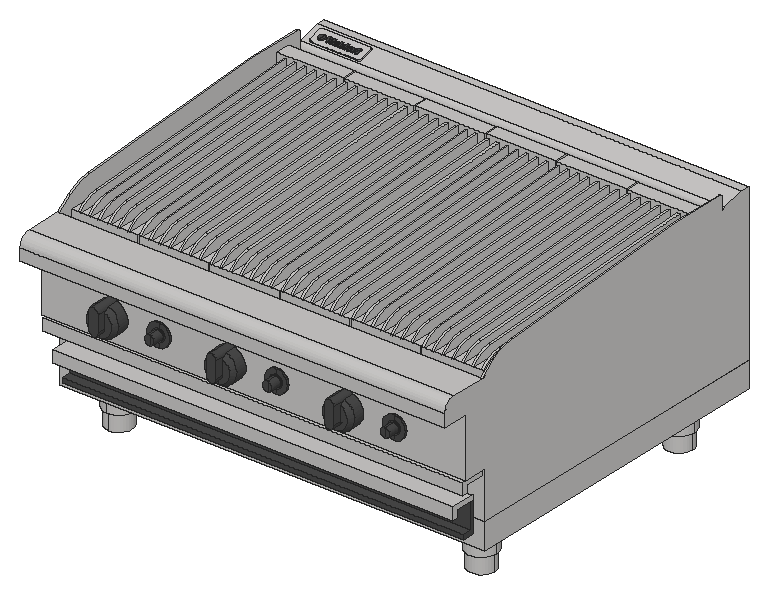
Revit family "QF_MOFFAT WALDORF_CHL8900G-B", category Specialty Equipment, Revit 2012
Parameters
  Weight in Pounds = 0
  URL Cutsheet = "www.moffat.com"
  URL = "www.moffat.com"
  Type Mark [instance] = ""
  Status [instance] = ""
  Specification by User [instance] = ""
  Specification by Manufacturer = ""
  Show Logo [instance] = yes
  Serial Number = ""
  Seismic Rating = ""
  SMACNA No = ""
  Revision Code [instance] = ""
  Omniclass Number and Title = ""
  NAFEM Spec ID Number = ""
  Model = "CHL8900G-B"
  Mechanical Remarks [instance] = ""
  Mechanical Connection Type [instance] = ""
  Masterspec = ""
  Manufacturer = "MOFFAT WALDORF"
  Item Number [instance] = ""
  Installed By [instance] = ""
  Identify Quantity as Lot [instance] = yes
  Gas Size = 3/4"
  Gas RI Height [instance] = 0 mm
  Gas KW [instance] = 27.7
  Gas Input [instance] = 94782.0 Btu/h
  Gas Connection Height = 0 mm
  Furnished By [instance] = ""
  Foodservice Equipment Identifier [instance] = yes
  Description = "CHARGRILL LOW SPLASHBACK BENCH MOUNT"
  CSI MasterFormat = ""
  CSI Master Format = ""
  Body Finish = QF_Finishes_Stainless Steel
Reference planes
  plane 1 "BACK": y = 0
  plane 2: z = 0
  plane 3 "LEFT": x = 0
  plane 4 "RIGHT": x = 900
  plane 5 "FRONT": y = -805
  plane 6 "TOP": z = 630
  plane 7 "Center Y": x = 450
  plane 8 "Center X": y = -402.5
  plane 9: z = 470
Forms (mm)
  Extrusion 1, solid, material "QF_Finishes_Stainless Steel" <- "Body Finish"
    sketch origin (0, 0, 0) x (0, 1, 0) y (0, 0, 1)
      loop
        line (-805, 391) -> (-805, 366) -> (-749, 366) -> (-749, 240) -> (-699, 240) -> (-699, 140) -> (0, 140) -> (0, 470) -> (-16.5, 470) -> (-61.106, 457.646)
        arc (-61.106, 457.646) -> (-67.52, 453.36) -> (-70, 446.055) r 12
        line (-70, 446.055) -> (-70, 375) -> (-705, 375) -> (-705, 415) -> (-781, 415)
        arc (-781, 415) -> (-797.971, 407.971) -> (-805, 391) r 24
      loop
        line (0, 85) -> (0, 139.206) -> (-699, 139.206) -> (-699, 85) -> (0, 85)
    from 0 to 900
  Revolve 2, solid, material "QF_Finishes_Stainless Steel" <- "Body Finish"
    sketch origin (424.5, -625, 0) x (1, 0, 0) y (0, 0, -1)
      loop
        line (378.25, -85) -> (410, -85) -> (410, 0) -> (382.5, 0) -> (382.5, -35) -> (378.25, -35) -> (378.25, -85)
      axis (410, -85) -> (410, 0)
    angle from 0 to 360
  Revolve 3, solid, material "QF_Finishes_Stainless Steel" <- "Body Finish"
    sketch origin (424.5, -100, 0) x (1, 0, 0) y (0, 0, -1)
      loop
        line (378.25, -85) -> (410, -85) -> (410, 0) -> (382.5, 0) -> (382.5, -35) -> (378.25, -35) -> (378.25, -85)
      axis (410, -85) -> (410, 0)
    angle from 0 to 360
  Revolve 4, solid, material "QF_Finishes_Stainless Steel" <- "Body Finish"
    sketch origin (65.5, -735, 0) x (0, 1, 0) y (0, 0, 1)
      loop
        line (78.25, 85) -> (78.25, 35) -> (82.5, 35) -> (82.5, 0) -> (110, 0) -> (110, 85) -> (78.25, 85)
      axis (110, 85) -> (110, 0)
    angle from 0 to 360
  Revolve 5, solid, material "QF_Finishes_Stainless Steel" <- "Body Finish"
    sketch origin (65.5, -210, 0) x (0, 1, 0) y (0, 0, 1)
      loop
        line (78.25, 85) -> (78.25, 35) -> (82.5, 35) -> (82.5, 0) -> (110, 0) -> (110, 85) -> (78.25, 85)
      axis (110, 85) -> (110, 0)
    angle from 0 to 360
  Extrusion 6, solid, material "QF_Finishes_Stainless Steel" <- "Body Finish"
    sketch origin (0, 0, 0) x (0, 1, 0) y (0, 0, 1)
      loop
        line (-70, 375) -> (-70, 480)
        arc (-70, 480) -> (-71.464, 483.536) -> (-75, 485) r 5
        line (-75, 485) -> (-191, 485) -> (-626.365, 454.556)
        arc (-626.365, 454.556) -> (-652.77, 449.064) -> (-676.747, 436.715) r 100
        line (-676.747, 436.715) -> (-705, 415) -> (-705, 375) -> (-70, 375)
    from 0 to 4.5
  Extrusion 7, solid, material "QF_Finishes_Stainless Steel" <- "Body Finish"
    sketch origin (900, 0, 0) x (0, 1, 0) y (0, 0, -1)
      loop
        line (-70, -375) -> (-705, -375) -> (-705, -415) -> (-676.747, -436.715)
        arc (-676.747, -436.715) -> (-652.77, -449.064) -> (-626.365, -454.556) r 100
        line (-626.365, -454.556) -> (-191, -485) -> (-75, -485)
        arc (-75, -485) -> (-71.464, -483.536) -> (-70, -480) r 5
        line (-70, -480) -> (-70, -375)
    from 0 to 3
  Revolve 8, solid, material "QF_Finishes_Black"
    sketch origin (158, 0, 0) x (0, 1, 0) y (0, 0, 1)
      loop
        line (-782, 329.5) -> (-793, 323.651) -> (-793, 297) -> (-749, 297) -> (-749, 302) -> (-759, 302) -> (-759, 329.5) -> (-782, 329.5)
      axis (-793, 297) -> (-749, 297)
    angle from 0 to 360
  Extrusion 9, solid, material "QF_Finishes_Black"
    sketch origin (19.888, 0, 0) x (1, 0, 0) y (0, 0, 1)
      loop
        line (148.3, 289) -> (148.3, 324)
        arc (148.3, 324) -> (138.3, 334) -> (128.3, 324) r 10
        line (128.3, 324) -> (128.3, 289)
        arc (128.3, 289) -> (138.3, 279) -> (148.3, 289) r 10
    from 759 to 808
  Revolve 10, solid, material "QF_Finishes_Black"
    sketch origin (408.244, 0, 0) x (0, 1, 0) y (0, 0, -1)
      loop
        line (-782, -329.5) -> (-759, -329.5) -> (-759, -302) -> (-749, -302) -> (-749, -297) -> (-793, -297) -> (-793, -323.651) -> (-782, -329.5)
      axis (-793, -297) -> (-749, -297)
    angle from 0 to 360
  Extrusion 11, solid, material "QF_Finishes_Black"
    sketch origin (396.356, 0, 0) x (-1, 0, 0) y (0, 0, -1)
      loop
        arc (-1.7, -289) -> (-11.7, -279) -> (-21.7, -289) r 10
        line (-21.7, -289) -> (-21.7, -324)
        arc (-21.7, -324) -> (-11.7, -334) -> (-1.7, -324) r 10
        line (-1.7, -324) -> (-1.7, -289)
    from 759 to 808
  Revolve 12, solid, material "QF_Finishes_Black"
    sketch origin (258.187, 0, 0) x (0, 1, 0) y (0, 0, 1)
      loop
        line (-759, 302) -> (-759, 321) -> (-761.705, 321) -> (-761.705, 309.85) -> (-762.85, 309.85) -> (-762.85, 306.825) -> (-784.88, 306.825) -> (-784.88, 297) -> (-749, 297) -> (-749, 302) -> (-759, 302)
      axis (-749, 297) -> (-784.88, 297)
    angle from 0 to 360
  Revolve 13, solid, material "QF_Finishes_Black"
    sketch origin (508, 0, 0) x (0, 1, 0) y (0, 0, 1)
      loop
        line (-759, 302) -> (-759, 321) -> (-761.705, 321) -> (-761.705, 309.85) -> (-762.85, 309.85) -> (-762.85, 306.825) -> (-784.88, 306.825) -> (-784.88, 297) -> (-749, 297) -> (-749, 302) -> (-759, 302)
      axis (-749, 297) -> (-784.88, 297)
    angle from 0 to 360
  Extrusion 14, solid, material "QF_Finishes_Stainless Steel"
    sketch origin (276, 0, 0) x (0, 1, 0) y (0, 0, 1)
      loop
        line (-132, 410.364) -> (-132, 462.849) -> (-630.852, 432.53)
        arc (-630.852, 432.53) -> (-656.098, 425.97) -> (-677, 410.364) r 67.81
        line (-677, 410.364) -> (-132, 410.364)
    from 0 to 4.5
  Extrusion 15, solid, material "QF_Finishes_Stainless Steel"
    sketch origin (255, 0, 0) x (0, 1, 0) y (0, 0, 1)
      loop
        line (-132, 410.364) -> (-132, 462.849) -> (-630.852, 432.53)
        arc (-630.852, 432.53) -> (-656.098, 425.97) -> (-677, 410.364) r 67.81
        line (-677, 410.364) -> (-132, 410.364)
    from 0 to 4.5
  Extrusion 16, solid, material "QF_Finishes_Stainless Steel"
    sketch origin (234, 0, 0) x (0, 1, 0) y (0, 0, 1)
      loop
        line (-132, 410.364) -> (-132, 462.849) -> (-630.852, 432.53)
        arc (-630.852, 432.53) -> (-656.098, 425.97) -> (-677, 410.364) r 67.81
        line (-677, 410.364) -> (-132, 410.364)
    from 0 to 4.5
  Extrusion 17, solid, material "QF_Finishes_Stainless Steel"
    sketch origin (213, 0, 0) x (0, 1, 0) y (0, 0, 1)
      loop
        line (-132, 410.364) -> (-132, 462.849) -> (-630.852, 432.53)
        arc (-630.852, 432.53) -> (-656.098, 425.97) -> (-677, 410.364) r 67.81
        line (-677, 410.364) -> (-132, 410.364)
    from 0 to 4.5
  Extrusion 18, solid, material "QF_Finishes_Stainless Steel"
    sketch origin (192, 0, 0) x (0, 1, 0) y (0, 0, 1)
      loop
        line (-132, 410.364) -> (-132, 462.849) -> (-630.852, 432.53)
        arc (-630.852, 432.53) -> (-656.098, 425.97) -> (-677, 410.364) r 67.81
        line (-677, 410.364) -> (-132, 410.364)
    from 0 to 4.5
  Extrusion 19, solid, material "QF_Finishes_Stainless Steel"
    sketch origin (171, 0, 0) x (0, 1, 0) y (0, 0, 1)
      loop
        line (-132, 410.364) -> (-132, 462.849) -> (-630.852, 432.53)
        arc (-630.852, 432.53) -> (-656.098, 425.97) -> (-677, 410.364) r 67.81
        line (-677, 410.364) -> (-132, 410.364)
    from 0 to 4.5
  Extrusion 20, solid, material "QF_Finishes_Stainless Steel"
    sketch origin (150, 0, 0) x (0, 1, 0) y (0, 0, 1)
      loop
        line (-132, 410.364) -> (-132, 462.849) -> (-630.852, 432.53)
        arc (-630.852, 432.53) -> (-656.098, 425.97) -> (-677, 410.364) r 67.81
        line (-677, 410.364) -> (-132, 410.364)
    from 0 to 4.5
  Extrusion 21, solid, material "QF_Finishes_Stainless Steel"
    sketch origin (126, 0, 0) x (0, 1, 0) y (0, 0, 1)
      loop
        line (-132, 410.364) -> (-132, 462.849) -> (-630.852, 432.53)
        arc (-630.852, 432.53) -> (-656.098, 425.97) -> (-677, 410.364) r 67.81
        line (-677, 410.364) -> (-132, 410.364)
    from 0 to 4.5
  Extrusion 22, solid, material "QF_Finishes_Stainless Steel"
    sketch origin (105, 0, 0) x (0, 1, 0) y (0, 0, 1)
      loop
        line (-132, 410.364) -> (-132, 462.849) -> (-630.852, 432.53)
        arc (-630.852, 432.53) -> (-656.098, 425.97) -> (-677, 410.364) r 67.81
        line (-677, 410.364) -> (-132, 410.364)
    from 0 to 4.5
  Extrusion 23, solid, material "QF_Finishes_Stainless Steel"
    sketch origin (84, 0, 0) x (0, 1, 0) y (0, 0, 1)
      loop
        line (-132, 410.364) -> (-132, 462.849) -> (-630.852, 432.53)
        arc (-630.852, 432.53) -> (-656.098, 425.97) -> (-677, 410.364) r 67.81
        line (-677, 410.364) -> (-132, 410.364)
    from 0 to 4.5
  Extrusion 24, solid, material "QF_Finishes_Stainless Steel"
    sketch origin (63, 0, 0) x (0, 1, 0) y (0, 0, 1)
      loop
        line (-132, 410.364) -> (-132, 462.849) -> (-630.852, 432.53)
        arc (-630.852, 432.53) -> (-656.098, 425.97) -> (-677, 410.364) r 67.81
        line (-677, 410.364) -> (-132, 410.364)
    from 0 to 4.5
  Extrusion 25, solid, material "QF_Finishes_Stainless Steel"
    sketch origin (42, 0, 0) x (0, 1, 0) y (0, 0, 1)
      loop
        line (-132, 410.364) -> (-132, 462.849) -> (-630.852, 432.53)
        arc (-630.852, 432.53) -> (-656.098, 425.97) -> (-677, 410.364) r 67.81
        line (-677, 410.364) -> (-132, 410.364)
    from 0 to 4.5
  Extrusion 26, solid, material "QF_Finishes_Stainless Steel"
    sketch origin (21, 0, 0) x (0, 1, 0) y (0, 0, 1)
      loop
        line (-132, 410.364) -> (-132, 462.849) -> (-630.852, 432.53)
        arc (-630.852, 432.53) -> (-656.098, 425.97) -> (-677, 410.364) r 67.81
        line (-677, 410.364) -> (-132, 410.364)
    from 0 to 4.5
  Extrusion 27, solid, material "QF_Finishes_Stainless Steel"
    sketch origin (426, 0, 0) x (0, 1, 0) y (0, 0, 1)
      loop
        line (-132, 410.364) -> (-132, 462.849) -> (-630.852, 432.53)
        arc (-630.852, 432.53) -> (-656.098, 425.97) -> (-677, 410.364) r 67.81
        line (-677, 410.364) -> (-132, 410.364)
    from 0 to 4.5
  Extrusion 28, solid, material "QF_Finishes_Stainless Steel"
    sketch origin (405, 0, 0) x (0, 1, 0) y (0, 0, 1)
      loop
        line (-132, 410.364) -> (-132, 462.849) -> (-630.852, 432.53)
        arc (-630.852, 432.53) -> (-656.098, 425.97) -> (-677, 410.364) r 67.81
        line (-677, 410.364) -> (-132, 410.364)
    from 0 to 4.5
  Extrusion 29, solid, material "QF_Finishes_Stainless Steel"
    sketch origin (384, 0, 0) x (0, 1, 0) y (0, 0, 1)
      loop
        line (-132, 410.364) -> (-132, 462.849) -> (-630.852, 432.53)
        arc (-630.852, 432.53) -> (-656.098, 425.97) -> (-677, 410.364) r 67.81
        line (-677, 410.364) -> (-132, 410.364)
    from 0 to 4.5
  Extrusion 30, solid, material "QF_Finishes_Stainless Steel"
    sketch origin (363, 0, 0) x (0, 1, 0) y (0, 0, 1)
      loop
        line (-132, 410.364) -> (-132, 462.849) -> (-630.852, 432.53)
        arc (-630.852, 432.53) -> (-656.098, 425.97) -> (-677, 410.364) r 67.81
        line (-677, 410.364) -> (-132, 410.364)
    from 0 to 4.5
  Extrusion 31, solid, material "QF_Finishes_Stainless Steel"
    sketch origin (342, 0, 0) x (0, 1, 0) y (0, 0, 1)
      loop
        line (-132, 410.364) -> (-132, 462.849) -> (-630.852, 432.53)
        arc (-630.852, 432.53) -> (-656.098, 425.97) -> (-677, 410.364) r 67.81
        line (-677, 410.364) -> (-132, 410.364)
    from 0 to 4.5
  Extrusion 32, solid, material "QF_Finishes_Stainless Steel"
    sketch origin (321, 0, 0) x (0, 1, 0) y (0, 0, 1)
      loop
        line (-132, 410.364) -> (-132, 462.849) -> (-630.852, 432.53)
        arc (-630.852, 432.53) -> (-656.098, 425.97) -> (-677, 410.364) r 67.81
        line (-677, 410.364) -> (-132, 410.364)
    from 0 to 4.5
  Extrusion 33, solid, material "QF_Finishes_Stainless Steel"
    sketch origin (300, 0, 0) x (0, 1, 0) y (0, 0, 1)
      loop
        line (-132, 410.364) -> (-132, 462.849) -> (-630.852, 432.53)
        arc (-630.852, 432.53) -> (-656.098, 425.97) -> (-677, 410.364) r 67.81
        line (-677, 410.364) -> (-132, 410.364)
    from 0 to 4.5
  Extrusion 34, solid, material "QF_Finishes_Stainless Steel"
    sketch origin (576, 0, 0) x (0, 1, 0) y (0, 0, 1)
      loop
        line (-132, 410.364) -> (-132, 462.849) -> (-630.852, 432.53)
        arc (-630.852, 432.53) -> (-656.098, 425.97) -> (-677, 410.364) r 67.81
        line (-677, 410.364) -> (-132, 410.364)
    from 0 to 4.5
  Extrusion 35, solid, material "QF_Finishes_Stainless Steel"
    sketch origin (555, 0, 0) x (0, 1, 0) y (0, 0, 1)
      loop
        line (-132, 410.364) -> (-132, 462.849) -> (-630.852, 432.53)
        arc (-630.852, 432.53) -> (-656.098, 425.97) -> (-677, 410.364) r 67.81
        line (-677, 410.364) -> (-132, 410.364)
    from 0 to 4.5
  Extrusion 36, solid, material "QF_Finishes_Stainless Steel"
    sketch origin (534, 0, 0) x (0, 1, 0) y (0, 0, 1)
      loop
        line (-132, 410.364) -> (-132, 462.849) -> (-630.852, 432.53)
        arc (-630.852, 432.53) -> (-656.098, 425.97) -> (-677, 410.364) r 67.81
        line (-677, 410.364) -> (-132, 410.364)
    from 0 to 4.5
  Extrusion 37, solid, material "QF_Finishes_Stainless Steel"
    sketch origin (513, 0, 0) x (0, 1, 0) y (0, 0, 1)
      loop
        line (-132, 410.364) -> (-132, 462.849) -> (-630.852, 432.53)
        arc (-630.852, 432.53) -> (-656.098, 425.97) -> (-677, 410.364) r 67.81
        line (-677, 410.364) -> (-132, 410.364)
    from 0 to 4.5
  Extrusion 38, solid, material "QF_Finishes_Stainless Steel"
    sketch origin (492, 0, 0) x (0, 1, 0) y (0, 0, 1)
      loop
        line (-132, 410.364) -> (-132, 462.849) -> (-630.852, 432.53)
        arc (-630.852, 432.53) -> (-656.098, 425.97) -> (-677, 410.364) r 67.81
        line (-677, 410.364) -> (-132, 410.364)
    from 0 to 4.5
  Extrusion 39, solid, material "QF_Finishes_Stainless Steel"
    sketch origin (471, 0, 0) x (0, 1, 0) y (0, 0, 1)
      loop
        line (-132, 410.364) -> (-132, 462.849) -> (-630.852, 432.53)
        arc (-630.852, 432.53) -> (-656.098, 425.97) -> (-677, 410.364) r 67.81
        line (-677, 410.364) -> (-132, 410.364)
    from 0 to 4.5
  Extrusion 40, solid, material "QF_Finishes_Stainless Steel"
    sketch origin (450, 0, 0) x (0, 1, 0) y (0, 0, 1)
      loop
        line (-132, 410.364) -> (-132, 462.849) -> (-630.852, 432.53)
        arc (-630.852, 432.53) -> (-656.098, 425.97) -> (-677, 410.364) r 67.81
        line (-677, 410.364) -> (-132, 410.364)
    from 0 to 4.5
  Extrusion 41, solid, material "QF_Finishes_Stainless Steel"
    sketch origin (1, 3, -500) x (1, 0, 0) y (0, 1, 0)
      loop
        circle (215, -35) r 13.5
    from 555 to 585
  Extrusion 42, solid, material "QF_Finishes_Black"
    sketch origin (1, 0, 0) x (0, 1, 0) y (0, 0, 1)
      loop
        line (-704, 171.797) -> (-704, 118.047) -> (-724, 118.047) -> (-724, 108.047) -> (-685.346, 108.047) -> (-685.346, 171.797) -> (-704, 171.797)
    from 24.12 to 874.007
  Extrusion 43, solid, material "QF_Finishes_Stainless Steel"
    sketch origin (0, 0, 0) x (0, 1, 0) y (0, 0, 1)
      loop
        line (-751.27, 211.219) -> (-741.27, 211.219) -> (-741.27, 226.219) -> (-699, 226.219) -> (-699, 236.219) -> (-751.27, 236.219) -> (-751.27, 211.219)
    from 5.013 to 895
  Extrusion 44, solid, material "QF_Finishes_Stainless Steel"
    sketch origin (0, 0, -54.422) x (0, 1, 0) y (0, 0, 1)
      loop
        line (-751.27, 211.219) -> (-741.27, 211.219) -> (-741.27, 226.219) -> (-685.346, 226.219) -> (-685.346, 236.219) -> (-751.27, 236.219) -> (-751.27, 211.219)
    from 25.12 to 875.007
  Extrusion 45, solid, material "QF_Finishes_Stainless Steel"
    sketch origin (0, 0, 0) x (0, 1, 0) y (0, 0, 1)
      loop
        line (-132, 410.364) -> (-677, 410.364) -> (-677, 375) -> (-102, 375) -> (-102, 470) -> (-132, 470) -> (-132, 410.364)
    from 4.5 to 147
  Extrusion 46, solid, material "QF_Finishes_Stainless Steel"
    sketch origin (145.5, 0, 0) x (0, 1, 0) y (0, 0, 1)
      loop
        line (-132, 410.364) -> (-677, 410.364) -> (-677, 375) -> (-102, 375) -> (-102, 470) -> (-132, 470) -> (-132, 410.364)
    from 4.5 to 151.5
  Extrusion 47, solid, material "QF_Finishes_Stainless Steel"
    sketch origin (295.5, 0, 0) x (0, 1, 0) y (0, 0, 1)
      loop
        line (-132, 410.364) -> (-677, 410.364) -> (-677, 375) -> (-102, 375) -> (-102, 470) -> (-132, 470) -> (-132, 410.364)
    from 4.5 to 151.5
  Extrusion 48, solid, material "QF_Finishes_Stainless Steel"
    sketch origin (445.5, 0, 0) x (0, 1, 0) y (0, 0, 1)
      loop
        line (-132, 410.364) -> (-677, 410.364) -> (-677, 375) -> (-102, 375) -> (-102, 470) -> (-132, 470) -> (-132, 410.364)
    from 4.5 to 151.5
  Extrusion 49, solid, material "QF_Finishes_Stainless Steel"
    sketch origin (726, 0, 0) x (0, 1, 0) y (0, 0, 1)
      loop
        line (-132, 410.364) -> (-132, 462.849) -> (-630.852, 432.53)
        arc (-630.852, 432.53) -> (-656.098, 425.97) -> (-677, 410.364) r 67.81
        line (-677, 410.364) -> (-132, 410.364)
    from 0 to 4.5
  Extrusion 50, solid, material "QF_Finishes_Stainless Steel"
    sketch origin (705, 0, 0) x (0, 1, 0) y (0, 0, 1)
      loop
        line (-132, 410.364) -> (-132, 462.849) -> (-630.852, 432.53)
        arc (-630.852, 432.53) -> (-656.098, 425.97) -> (-677, 410.364) r 67.81
        line (-677, 410.364) -> (-132, 410.364)
    from 0 to 4.5
  Extrusion 51, solid, material "QF_Finishes_Stainless Steel"
    sketch origin (684, 0, 0) x (0, 1, 0) y (0, 0, 1)
      loop
        line (-132, 410.364) -> (-132, 462.849) -> (-630.852, 432.53)
        arc (-630.852, 432.53) -> (-656.098, 425.97) -> (-677, 410.364) r 67.81
        line (-677, 410.364) -> (-132, 410.364)
    from 0 to 4.5
  Extrusion 52, solid, material "QF_Finishes_Stainless Steel"
    sketch origin (663, 0, 0) x (0, 1, 0) y (0, 0, 1)
      loop
        line (-132, 410.364) -> (-132, 462.849) -> (-630.852, 432.53)
        arc (-630.852, 432.53) -> (-656.098, 425.97) -> (-677, 410.364) r 67.81
        line (-677, 410.364) -> (-132, 410.364)
    from 0 to 4.5
  Extrusion 53, solid, material "QF_Finishes_Stainless Steel"
    sketch origin (642, 0, 0) x (0, 1, 0) y (0, 0, 1)
      loop
        line (-132, 410.364) -> (-132, 462.849) -> (-630.852, 432.53)
        arc (-630.852, 432.53) -> (-656.098, 425.97) -> (-677, 410.364) r 67.81
        line (-677, 410.364) -> (-132, 410.364)
    from 0 to 4.5
  Extrusion 54, solid, material "QF_Finishes_Stainless Steel"
    sketch origin (621, 0, 0) x (0, 1, 0) y (0, 0, 1)
      loop
        line (-132, 410.364) -> (-132, 462.849) -> (-630.852, 432.53)
        arc (-630.852, 432.53) -> (-656.098, 425.97) -> (-677, 410.364) r 67.81
        line (-677, 410.364) -> (-132, 410.364)
    from 0 to 4.5
  Extrusion 55, solid, material "QF_Finishes_Stainless Steel"
    sketch origin (600, 0, 0) x (0, 1, 0) y (0, 0, 1)
      loop
        line (-132, 410.364) -> (-132, 462.849) -> (-630.852, 432.53)
        arc (-630.852, 432.53) -> (-656.098, 425.97) -> (-677, 410.364) r 67.81
        line (-677, 410.364) -> (-132, 410.364)
    from 0 to 4.5
  Extrusion 56, solid, material "QF_Finishes_Stainless Steel"
    sketch origin (595.5, 0, 0) x (0, 1, 0) y (0, 0, 1)
      loop
        line (-132, 410.364) -> (-677, 410.364) -> (-677, 375) -> (-102, 375) -> (-102, 470) -> (-132, 470) -> (-132, 410.364)
    from 4.5 to 151.5
  Extrusion 57, solid, material "QF_Finishes_Stainless Steel"
    sketch origin (876, 0, 0) x (0, 1, 0) y (0, 0, 1)
      loop
        line (-132, 410.364) -> (-132, 462.849) -> (-630.852, 432.53)
        arc (-630.852, 432.53) -> (-656.098, 425.97) -> (-677, 410.364) r 67.81
        line (-677, 410.364) -> (-132, 410.364)
    from 0 to 4.5
  Extrusion 58, solid, material "QF_Finishes_Stainless Steel"
    sketch origin (855, 0, 0) x (0, 1, 0) y (0, 0, 1)
      loop
        line (-132, 410.364) -> (-132, 462.849) -> (-630.852, 432.53)
        arc (-630.852, 432.53) -> (-656.098, 425.97) -> (-677, 410.364) r 67.81
        line (-677, 410.364) -> (-132, 410.364)
    from 0 to 4.5
  Extrusion 59, solid, material "QF_Finishes_Stainless Steel"
    sketch origin (834, 0, 0) x (0, 1, 0) y (0, 0, 1)
      loop
        line (-132, 410.364) -> (-132, 462.849) -> (-630.852, 432.53)
        arc (-630.852, 432.53) -> (-656.098, 425.97) -> (-677, 410.364) r 67.81
        line (-677, 410.364) -> (-132, 410.364)
    from 0 to 4.5
  Extrusion 60, solid, material "QF_Finishes_Stainless Steel"
    sketch origin (813, 0, 0) x (0, 1, 0) y (0, 0, 1)
      loop
        line (-132, 410.364) -> (-132, 462.849) -> (-630.852, 432.53)
        arc (-630.852, 432.53) -> (-656.098, 425.97) -> (-677, 410.364) r 67.81
        line (-677, 410.364) -> (-132, 410.364)
    from 0 to 4.5
  Extrusion 61, solid, material "QF_Finishes_Stainless Steel"
    sketch origin (792, 0, 0) x (0, 1, 0) y (0, 0, 1)
      loop
        line (-132, 410.364) -> (-132, 462.849) -> (-630.852, 432.53)
        arc (-630.852, 432.53) -> (-656.098, 425.97) -> (-677, 410.364) r 67.81
        line (-677, 410.364) -> (-132, 410.364)
    from 0 to 4.5
  Extrusion 62, solid, material "QF_Finishes_Stainless Steel"
    sketch origin (771, 0, 0) x (0, 1, 0) y (0, 0, 1)
      loop
        line (-132, 410.364) -> (-132, 462.849) -> (-630.852, 432.53)
        arc (-630.852, 432.53) -> (-656.098, 425.97) -> (-677, 410.364) r 67.81
        line (-677, 410.364) -> (-132, 410.364)
    from 0 to 4.5
  Extrusion 63, solid, material "QF_Finishes_Stainless Steel"
    sketch origin (750, 0, 0) x (0, 1, 0) y (0, 0, 1)
      loop
        line (-132, 410.364) -> (-132, 462.849) -> (-630.852, 432.53)
        arc (-630.852, 432.53) -> (-656.098, 425.97) -> (-677, 410.364) r 67.81
        line (-677, 410.364) -> (-132, 410.364)
    from 0 to 4.5
  Extrusion 64, solid, material "QF_Finishes_Stainless Steel"
    sketch origin (745.5, 0, 0) x (0, 1, 0) y (0, 0, 1)
      loop
        line (-132, 410.364) -> (-677, 410.364) -> (-677, 375) -> (-102, 375) -> (-102, 470) -> (-132, 470) -> (-132, 410.364)
    from 4.5 to 151.5
  Revolve 65, solid, material "QF_Finishes_Black"
    sketch origin (658.244, 0, 0) x (0, 1, 0) y (0, 0, -1)
      loop
        line (-782, -329.5) -> (-759, -329.5) -> (-759, -302) -> (-749, -302) -> (-749, -297) -> (-793, -297) -> (-793, -323.651) -> (-782, -329.5)
      axis (-793, -297) -> (-749, -297)
    angle from 0 to 360
  Extrusion 66, solid, material "QF_Finishes_Black"
    sketch origin (646.356, 0, 0) x (-1, 0, 0) y (0, 0, -1)
      loop
        arc (-1.7, -289) -> (-11.7, -279) -> (-21.7, -289) r 10
        line (-21.7, -289) -> (-21.7, -324)
        arc (-21.7, -324) -> (-11.7, -334) -> (-1.7, -324) r 10
        line (-1.7, -324) -> (-1.7, -289)
    from 759 to 808
  Revolve 67, solid, material "QF_Finishes_Black"
    sketch origin (758, 0, 0) x (0, 1, 0) y (0, 0, 1)
      loop
        line (-759, 302) -> (-759, 321) -> (-761.705, 321) -> (-761.705, 309.85) -> (-762.85, 309.85) -> (-762.85, 306.825) -> (-784.88, 306.825) -> (-784.88, 297) -> (-749, 297) -> (-749, 302) -> (-759, 302)
      axis (-749, 297) -> (-784.88, 297)
    angle from 0 to 360
Cuts and joins
  joined: Revolve 8, Extrusion 9
  joined: Revolve 10, Extrusion 11
  joined: Extrusion 1, Extrusion 6, Extrusion 7
Lines and regions (mm)
  Split face 1
    outline origin (0, -16.5, 470) x (0, -0.963721, -0.266912) y (1, 0, 0)
      loop
        line (1.962, 129.583) -> (28.336, 129.583) -> (28.336, 149.583) -> (1.962, 149.583) -> (1.962, 129.583)
  Split face 2
    outline origin (0, -16.5, 470) x (0, -0.963721, -0.266912) y (1, 0, 0)
      loop
        line (28.336, 156.5) -> (28.336, 176.5) -> (1.962, 176.5) -> (1.962, 156.5) -> (28.336, 156.5)
  Split face 3
    outline origin (0, -16.5, 470) x (0, -0.963721, -0.266912) y (1, 0, 0)
      loop
        line (28.336, 203.5) -> (1.962, 203.5) -> (1.962, 183.5) -> (28.336, 183.5) -> (28.336, 203.5)
  Split face 4
    outline origin (0, -16.5, 470) x (0, -0.963721, -0.266912) y (1, 0, 0)
      loop
        line (28.336, 230.5) -> (1.962, 230.5) -> (1.962, 210.5) -> (28.336, 210.5) -> (28.336, 230.5)
  Split face 5
    outline origin (0, -16.5, 470) x (0, -0.963721, -0.266912) y (1, 0, 0)
      loop
        line (28.336, 257.5) -> (1.962, 257.5) -> (1.962, 237.5) -> (28.336, 237.5) -> (28.336, 257.5)
  Split face 6
    outline origin (0, -16.5, 470) x (0, -0.963721, -0.266912) y (1, 0, 0)
      loop
        line (28.336, 264.5) -> (28.336, 284.5) -> (1.962, 284.5) -> (1.962, 264.5) -> (28.336, 264.5)
  Split face 7
    outline origin (0, -16.5, 470) x (0, -0.963721, -0.266912) y (1, 0, 0)
      loop
        line (28.336, 311.5) -> (1.962, 311.5) -> (1.962, 291.5) -> (28.336, 291.5) -> (28.336, 311.5)
  Split face 8
    outline origin (0, -16.5, 470) x (0, -0.963721, -0.266912) y (1, 0, 0)
      loop
        line (1.962, 338.5) -> (1.962, 318.5) -> (28.336, 318.5) -> (28.336, 338.5) -> (1.962, 338.5)
  Split face 9
    outline origin (0, -16.5, 470) x (0, -0.963721, -0.266912) y (1, 0, 0)
      loop
        line (1.962, 345.5) -> (28.336, 345.5) -> (28.336, 365.5) -> (1.962, 365.5) -> (1.962, 345.5)
  Split face 10
    outline origin (0, -16.5, 470) x (0, -0.963721, -0.266912) y (1, 0, 0)
      loop
        line (28.336, 372.579) -> (28.336, 392.579) -> (1.962, 392.579) -> (1.962, 372.579) -> (28.336, 372.579)
  Split face 11
    outline origin (0, -16.5, 470) x (0, -0.963721, -0.266912) y (1, 0, 0)
      loop
        line (28.336, 399.534) -> (28.336, 419.534) -> (1.962, 419.534) -> (1.962, 399.534) -> (28.336, 399.534)
  Split face 12
    outline origin (900, -699, 240) x (-1, 0, 0) y (0, 0, -1)
      loop
        line (874.88, 98.75) -> (24.993, 98.75) -> (24.993, 1.25) -> (874.88, 1.25) -> (874.88, 98.75)
  Split face 13
    outline origin (27, -16.5, 470) x (0, -0.963721, -0.266912) y (1, 0, 0)
      loop
        line (28.336, 399.534) -> (28.336, 419.534) -> (1.962, 419.534) -> (1.962, 399.534) -> (28.336, 399.534)
  Split face 14
    outline origin (54, -16.5, 470) x (0, -0.963721, -0.266912) y (1, 0, 0)
      loop
        line (28.336, 399.534) -> (28.336, 419.534) -> (1.962, 419.534) -> (1.962, 399.534) -> (28.336, 399.534)
  Split face 15
    outline origin (81, -16.5, 470) x (0, -0.963721, -0.266912) y (1, 0, 0)
      loop
        line (28.336, 399.534) -> (28.336, 419.534) -> (1.962, 419.534) -> (1.962, 399.534) -> (28.336, 399.534)
  Split face 16
    outline origin (108, -16.5, 470) x (0, -0.963721, -0.266912) y (1, 0, 0)
      loop
        line (28.336, 399.534) -> (28.336, 419.534) -> (1.962, 419.534) -> (1.962, 399.534) -> (28.336, 399.534)
  Split face 17
    outline origin (135, -16.5, 470) x (0, -0.963721, -0.266912) y (1, 0, 0)
      loop
        line (28.336, 399.534) -> (28.336, 419.534) -> (1.962, 419.534) -> (1.962, 399.534) -> (28.336, 399.534)
  Split face 18
    outline origin (162, -16.5, 470) x (0, -0.963721, -0.266912) y (1, 0, 0)
      loop
        line (28.336, 399.534) -> (28.336, 419.534) -> (1.962, 419.534) -> (1.962, 399.534) -> (28.336, 399.534)
  Split face 19
    outline origin (189, -16.5, 470) x (0, -0.963721, -0.266912) y (1, 0, 0)
      loop
        line (28.336, 399.534) -> (28.336, 419.534) -> (1.962, 419.534) -> (1.962, 399.534) -> (28.336, 399.534)
  Split face 20
    outline origin (216, -16.5, 470) x (0, -0.963721, -0.266912) y (1, 0, 0)
      loop
        line (28.336, 399.534) -> (28.336, 419.534) -> (1.962, 419.534) -> (1.962, 399.534) -> (28.336, 399.534)
  Split face 21
    outline origin (243, -16.5, 470) x (0, -0.963721, -0.266912) y (1, 0, 0)
      loop
        line (28.336, 399.534) -> (28.336, 419.534) -> (1.962, 419.534) -> (1.962, 399.534) -> (28.336, 399.534)
  Split face 22
    outline origin (270, -16.5, 470) x (0, -0.963721, -0.266912) y (1, 0, 0)
      loop
        line (28.336, 399.534) -> (28.336, 419.534) -> (1.962, 419.534) -> (1.962, 399.534) -> (28.336, 399.534)
  Split face 23
    outline origin (297, -16.5, 470) x (0, -0.963721, -0.266912) y (1, 0, 0)
      loop
        line (28.336, 399.534) -> (28.336, 419.534) -> (1.962, 419.534) -> (1.962, 399.534) -> (28.336, 399.534)
  Split face 24
    outline origin (324, -16.5, 470) x (0, -0.963721, -0.266912) y (1, 0, 0)
      loop
        line (28.336, 399.534) -> (28.336, 419.534) -> (1.962, 419.534) -> (1.962, 399.534) -> (28.336, 399.534)
  Split face 25
    outline origin (351, -16.5, 470) x (0, -0.963721, -0.266912) y (1, 0, 0)
      loop
        line (28.336, 399.534) -> (28.336, 419.534) -> (1.962, 419.534) -> (1.962, 399.534) -> (28.336, 399.534)
  symbolic lines
    curve 1: line (0, 0, 0) -> (0, -805, 0)
    curve 2: line (900, 0, 0) -> (0, 0, 0)
    curve 3: line (900, -805, 0) -> (900, 0, 0)
    curve 4: line (0, -70, 0) -> (900, -70, 0)
    curve 5: line (0, -805, 0) -> (900, -805, 0)
    curve 6: line (12.5, -51.234, 0) -> (12.5, -20.958, 0)
    curve 7: line (12.5, -20.958, 0) -> (121.5, -20.958, 0)
    curve 8: line (12.5, -51.234, 0) -> (121.5, -51.234, 0)
    curve 9: line (121.5, -20.958, 0) -> (121.5, -51.234, 0)
    curve 10: line (129.583, -22.262, 0) -> (129.583, -50.526, 0)
    curve 11: line (129.583, -50.526, 0) -> (149.583, -50.526, 0)
    curve 12: line (149.583, -50.526, 0) -> (149.583, -22.262, 0)
    curve 13: line (149.583, -22.262, 0) -> (129.583, -22.262, 0)
    curve 14: line (156.5, -22.262, 0) -> (156.5, -50.526, 0)
    curve 15: line (156.5, -50.526, 0) -> (176.5, -50.526, 0)
    curve 16: line (176.5, -50.526, 0) -> (176.5, -22.262, 0)
    curve 17: line (176.5, -22.262, 0) -> (156.5, -22.262, 0)
    curve 18: line (183.5, -22.262, 0) -> (183.5, -50.526, 0)
    curve 19: line (183.5, -50.526, 0) -> (203.5, -50.526, 0)
    curve 20: line (203.5, -50.526, 0) -> (203.5, -22.262, 0)
    curve 21: line (203.5, -22.262, 0) -> (183.5, -22.262, 0)
    curve 22: line (210.5, -22.262, 0) -> (210.5, -50.526, 0)
    curve 23: line (210.5, -50.526, 0) -> (230.5, -50.526, 0)
    curve 24: line (230.5, -50.526, 0) -> (230.5, -22.262, 0)
    curve 25: line (230.5, -22.262, 0) -> (210.5, -22.262, 0)
    curve 26: line (237.5, -22.262, 0) -> (237.5, -50.526, 0)
    curve 27: line (237.5, -50.526, 0) -> (257.5, -50.526, 0)
    curve 28: line (257.5, -50.526, 0) -> (257.5, -22.262, 0)
    curve 29: line (257.5, -22.262, 0) -> (237.5, -22.262, 0)
    curve 30: line (264.5, -22.262, 0) -> (264.5, -50.526, 0)
    curve 31: line (264.5, -50.526, 0) -> (284.5, -50.526, 0)
    curve 32: line (284.5, -50.526, 0) -> (284.5, -22.262, 0)
    curve 33: line (284.5, -22.262, 0) -> (264.5, -22.262, 0)
    curve 34: line (291.5, -22.262, 0) -> (291.5, -50.526, 0)
    curve 35: line (291.5, -50.526, 0) -> (311.5, -50.526, 0)
    curve 36: line (311.5, -50.526, 0) -> (311.5, -22.262, 0)
    curve 37: line (311.5, -22.262, 0) -> (291.5, -22.262, 0)
    curve 38: line (318.5, -22.262, 0) -> (318.5, -50.526, 0)
    curve 39: line (318.5, -50.526, 0) -> (338.5, -50.526, 0)
    curve 40: line (338.5, -50.526, 0) -> (338.5, -22.262, 0)
    curve 41: line (338.5, -22.262, 0) -> (318.5, -22.262, 0)
    curve 42: line (345.5, -22.262, 0) -> (345.5, -50.526, 0)
    curve 43: line (345.5, -50.526, 0) -> (365.5, -50.526, 0)
    curve 44: line (365.5, -50.526, 0) -> (365.5, -22.262, 0)
    curve 45: line (365.5, -22.262, 0) -> (345.5, -22.262, 0)
    curve 46: line (372.5, -22.262, 0) -> (372.5, -50.526, 0)
    curve 47: line (372.5, -50.526, 0) -> (392.5, -50.526, 0)
    curve 48: line (392.5, -50.526, 0) -> (392.5, -22.262, 0)
    curve 49: line (392.5, -22.262, 0) -> (372.5, -22.262, 0)
    curve 50: line (399.5, -22.262, 0) -> (399.5, -50.526, 0)
    curve 51: line (399.5, -50.526, 0) -> (419.5, -50.526, 0)
    curve 52: line (419.5, -50.526, 0) -> (419.5, -22.262, 0)
    curve 53: line (419.5, -22.262, 0) -> (399.5, -22.262, 0)
    curve 54: line (426.5, -22.262, 0) -> (426.5, -50.526, 0)
    curve 55: line (426.5, -50.526, 0) -> (446.5, -50.526, 0)
    curve 56: line (446.5, -50.526, 0) -> (446.5, -22.262, 0)
    curve 57: line (446.5, -22.262, 0) -> (426.5, -22.262, 0)
    curve 58: line (453.5, -22.262, 0) -> (453.5, -50.526, 0)
    curve 59: line (453.5, -50.526, 0) -> (473.5, -50.526, 0)
    curve 60: line (473.5, -50.526, 0) -> (473.5, -22.262, 0)
    curve 61: line (473.5, -22.262, 0) -> (453.5, -22.262, 0)
    curve 62: line (900, -705, 0) -> (0, -705, 0)
    curve 63: line (4.5, -705, 0) -> (4.5, -70, 0)
    curve 64: line (897, -70, 0) -> (897, -705, 0)
    curve 65: line (480.5, -22.262, 0) -> (480.5, -50.526, 0)
    curve 66: line (480.5, -50.526, 0) -> (500.5, -50.526, 0)
    curve 67: line (500.5, -50.526, 0) -> (500.5, -22.262, 0)
    curve 68: line (500.5, -22.262, 0) -> (480.5, -22.262, 0)
    curve 69: line (507.5, -22.262, 0) -> (507.5, -50.526, 0)
    curve 70: line (507.5, -50.526, 0) -> (527.5, -50.526, 0)
    curve 71: line (527.5, -50.526, 0) -> (527.5, -22.262, 0)
    curve 72: line (527.5, -22.262, 0) -> (507.5, -22.262, 0)
    curve 73: line (534.5, -22.262, 0) -> (534.5, -50.526, 0)
    curve 74: line (534.5, -50.526, 0) -> (554.5, -50.526, 0)
    curve 75: line (554.5, -50.526, 0) -> (554.5, -22.262, 0)
    curve 76: line (554.5, -22.262, 0) -> (534.5, -22.262, 0)
    curve 77: line (561.5, -22.262, 0) -> (561.5, -50.526, 0)
    curve 78: line (561.5, -50.526, 0) -> (581.5, -50.526, 0)
    curve 79: line (581.5, -50.526, 0) -> (581.5, -22.262, 0)
    curve 80: line (581.5, -22.262, 0) -> (561.5, -22.262, 0)
    curve 81: line (588.5, -22.262, 0) -> (588.5, -50.526, 0)
    curve 82: line (588.5, -50.526, 0) -> (608.5, -50.526, 0)
    curve 83: line (608.5, -50.526, 0) -> (608.5, -22.262, 0)
    curve 84: line (608.5, -22.262, 0) -> (588.5, -22.262, 0)
    curve 85: line (615.5, -22.262, 0) -> (615.5, -50.526, 0)
    curve 86: line (615.5, -50.526, 0) -> (635.5, -50.526, 0)
    curve 87: line (635.5, -50.526, 0) -> (635.5, -22.262, 0)
    curve 88: line (635.5, -22.262, 0) -> (615.5, -22.262, 0)
    curve 89: line (642.5, -22.262, 0) -> (642.5, -50.526, 0)
    curve 90: line (642.5, -50.526, 0) -> (662.5, -50.526, 0)
    curve 91: line (662.5, -50.526, 0) -> (662.5, -22.262, 0)
    curve 92: line (662.5, -22.262, 0) -> (642.5, -22.262, 0)
    curve 93: line (669.5, -22.262, 0) -> (669.5, -50.526, 0)
    curve 94: line (669.5, -50.526, 0) -> (689.5, -50.526, 0)
    curve 95: line (689.5, -50.526, 0) -> (689.5, -22.262, 0)
    curve 96: line (689.5, -22.262, 0) -> (669.5, -22.262, 0)
    curve 97: line (696.5, -22.262, 0) -> (696.5, -50.526, 0)
    curve 98: line (696.5, -50.526, 0) -> (716.5, -50.526, 0)
    curve 99: line (716.5, -50.526, 0) -> (716.5, -22.262, 0)
    curve 100: line (716.5, -22.262, 0) -> (696.5, -22.262, 0)
    curve 101: line (723.5, -22.262, 0) -> (723.5, -50.526, 0)
    curve 102: line (723.5, -50.526, 0) -> (743.5, -50.526, 0)
    curve 103: line (743.5, -50.526, 0) -> (743.5, -22.262, 0)
    curve 104: line (743.5, -22.262, 0) -> (723.5, -22.262, 0)
    curve 105: line (750.5, -22.262, 0) -> (750.5, -50.526, 0)
    curve 106: line (750.5, -50.526, 0) -> (770.5, -50.526, 0)
    curve 107: line (770.5, -50.526, 0) -> (770.5, -22.262, 0)
    curve 108: line (770.5, -22.262, 0) -> (750.5, -22.262, 0)
Dimensions and locks
  equal spacing: plane 3 "LEFT", plane 7 "Center Y", plane 4 "RIGHT"
  plane 3 "LEFT" to plane 4 "RIGHT" = 900 mm
  equal spacing: plane 5 "FRONT", plane 8 "Center X", plane 1 "BACK"
  plane 5 "FRONT" to plane 1 "BACK" = 805 mm  (x2)
  equal spacing: plane 4 "RIGHT", plane 7 "Center Y", plane 3 "LEFT"
  plane 4 "RIGHT" to plane 3 "LEFT" = 900 mm
  cut or joined group of Extrusion 1, Extrusion 6, Extrusion 7 to level = 415 mm
  Extrusion 41 to level = 55 mm
  Extrusion 41 to plane 1 "BACK" = 32 mm
  cut or joined group of Extrusion 1, Extrusion 6, Extrusion 7 to plane 1 "BACK" = 70 mm
  level to cut or joined group of Extrusion 1, Extrusion 6, Extrusion 7 = 85 mm
  locked: plane 3 "LEFT" to Extrusion 41 sketch curve at 216
  Revolve 2 sketch curve to Revolve 2 sketch curve to Revolve 2 sketch curve = 27.5 mm locked, 4.25 mm locked
  locked: Revolve 2 sketch curve to plane 4 "RIGHT" at 65.5
  Revolve 3 sketch curve to Revolve 3 sketch curve to Revolve 3 sketch curve = 4.25 mm locked, 27.5 mm locked
  locked: Revolve 3 sketch curve to plane 4 "RIGHT" at 65.5
  plane 9 to level = 470 mm  (x2)
  aligned and locked: level to plane 2
  aligned and locked: curve 3 to plane 4 "RIGHT"
  aligned and locked: Extrusion 42 to Extrusion 44
  aligned and locked: cut or joined group of Extrusion 1, Extrusion 6, Extrusion 7 to plane 4 "RIGHT"
  aligned and locked: Revolve 2 sketch curve to Revolve 2 sketch curve
  aligned and locked: Revolve 3 sketch curve to Revolve 3 sketch curve
Automatic sketch dimensions
  plane 1 "BACK" to curve 1 = 0 mm
  curve 1 to plane 3 "LEFT" = 0 mm
  plane 5 "FRONT" to curve 1 = 0 mm
  plane 3 "LEFT" to curve 63 = 4.5 mm
  plane 3 "LEFT" to curve 8 = 12.5 mm
  plane 1 "BACK" to curve 7 = 20.958 mm
  curve 6 to curve 7 = 109 mm
  curve 8 to curve 11 = 8.083 mm
  curve 10 to curve 13 = 20 mm
  curve 11 to curve 15 = 6.917 mm
  curve 14 to curve 15 = 20 mm
  curve 15 to curve 19 = 7 mm
  curve 18 to curve 21 = 20 mm
  curve 19 to curve 23 = 7 mm
  curve 22 to curve 25 = 20 mm
  curve 23 to curve 27 = 7 mm
  curve 26 to curve 29 = 20 mm
  curve 28 to curve 33 = 7 mm
  curve 30 to curve 31 = 20 mm
  curve 31 to curve 35 = 7 mm
  curve 34 to curve 35 = 20 mm
  curve 35 to curve 38 = 7 mm
  curve 38 to curve 41 = 20 mm
  curve 40 to curve 45 = 7 mm
  curve 42 to curve 43 = 20 mm
  curve 43 to curve 47 = 7 mm
  curve 46 to curve 47 = 20 mm
  curve 47 to curve 51 = 7 mm
  curve 50 to curve 51 = 20 mm
  curve 51 to curve 55 = 7 mm
  curve 55 to plane 7 "Center Y" = 3.5 mm
  plane 7 "Center Y" to curve 58 = 3.5 mm
  curve 58 to curve 59 = 20 mm
  curve 59 to curve 65 = 7 mm
  curve 65 to curve 68 = 20 mm
  curve 66 to curve 69 = 7 mm
  curve 69 to curve 71 = 20 mm
  curve 70 to curve 74 = 7 mm
  curve 73 to curve 74 = 20 mm
  curve 74 to curve 78 = 7 mm
  curve 77 to curve 79 = 20 mm
  curve 78 to curve 81 = 7 mm
  curve 81 to curve 82 = 20 mm
  curve 83 to curve 88 = 7 mm
  curve 85 to curve 87 = 20 mm
  curve 87 to curve 89 = 7 mm
  curve 89 to curve 91 = 20 mm
  curve 90 to curve 93 = 7 mm
  curve 93 to curve 95 = 20 mm
  curve 94 to curve 98 = 7 mm
  curve 97 to curve 99 = 20 mm
  curve 98 to curve 101 = 7 mm
  curve 101 to curve 104 = 20 mm
  curve 102 to curve 105 = 7 mm
  curve 105 to curve 106 = 20 mm
  plane 4 "RIGHT" to curve 64 = 3 mm
  curve 62 to plane 5 "FRONT" = 100 mm
  plane 1 "BACK" to curve 4 = 70 mm
  curve 9 to curve 7 = 30.277 mm
  plane 1 "BACK" to curve 101 = 50.526 mm
  curve 102 to curve 105 = 0 mm
  curve 99 to curve 101 = 0 mm  (x2)
  curve 8 to curve 10 = 0.709 mm
  curve 95 to curve 97 = 0 mm  (x2)
  curve 11 to curve 14 = 0 mm
  curve 91 to curve 93 = 0 mm  (x2)
  curve 15 to curve 18 = 0 mm
  curve 87 to curve 89 = 0 mm  (x2)
  curve 19 to curve 22 = 0 mm
  curve 83 to curve 85 = 0 mm  (x2)
  curve 23 to curve 26 = 0 mm
  curve 79 to curve 81 = 0 mm  (x2)
  curve 27 to curve 30 = 0 mm
  curve 75 to curve 77 = 0 mm  (x2)
  curve 31 to curve 34 = 0 mm
  curve 71 to curve 73 = 0 mm  (x2)
  curve 35 to curve 38 = 0 mm
  curve 67 to curve 69 = 0 mm  (x2)
  curve 39 to curve 42 = 0 mm
  curve 43 to curve 46 = 0 mm
  curve 47 to curve 50 = 0 mm
  curve 51 to curve 55 = 0 mm
  curve 60 to curve 65 = 0 mm  (x2)
  plane 1 "BACK" to curve 57 = 22.262 mm
  curve 56 to curve 58 = 0 mm
  plane 1 "BACK" to curve 108 = 22.262 mm
  plane 1 "BACK" to curve 53 = 22.262 mm
  plane 1 "BACK" to curve 49 = 22.262 mm
  plane 1 "BACK" to curve 45 = 22.262 mm
  plane 1 "BACK" to curve 41 = 22.262 mm
  plane 1 "BACK" to curve 37 = 22.262 mm
  plane 1 "BACK" to curve 33 = 22.262 mm
  plane 1 "BACK" to curve 29 = 22.262 mm
  plane 1 "BACK" to curve 25 = 22.262 mm
  plane 1 "BACK" to curve 21 = 22.262 mm
  plane 1 "BACK" to curve 17 = 22.262 mm
  curve 13 to curve 7 = 1.304 mm
  Revolve 2 sketch curve to level = 0 mm
  level to Revolve 2 sketch curve = 35 mm
  Revolve 2 sketch curve to Revolve 2 sketch curve = 15 mm
  Revolve 2 sketch curve to Revolve 2 sketch curve = 35 mm
  Revolve 2 sketch curve to Revolve 2 sketch curve = 55 mm
  Extrusion 1 to Split face 1 sketch curve = 1.962 mm
  Split face 1 sketch curve to Extrusion 1 = 129.583 mm
  Split face 1 sketch curve to Split face 1 sketch curve = 20 mm
  Extrusion 1 to Split face 2 sketch curve = 1.962 mm
  Split face 2 sketch curve to Extrusion 1 = 156.5 mm
  Split face 2 sketch curve to Split face 2 sketch curve = 20 mm
  Extrusion 1 to Split face 3 sketch curve = 1.962 mm
  Split face 3 sketch curve to Extrusion 1 = 183.5 mm
  Split face 3 sketch curve to Split face 3 sketch curve = 20 mm
  Extrusion 1 to Split face 4 sketch curve = 1.962 mm
  Split face 4 sketch curve to Extrusion 1 = 210.5 mm
  Split face 4 sketch curve to Split face 4 sketch curve = 20 mm
  Extrusion 1 to Split face 5 sketch curve = 1.962 mm
  Split face 5 sketch curve to Extrusion 1 = 237.5 mm
  Split face 5 sketch curve to Split face 5 sketch curve = 20 mm
  Extrusion 1 to Split face 6 sketch curve = 1.962 mm
  Split face 6 sketch curve to Extrusion 1 = 264.5 mm
  Split face 6 sketch curve to Split face 6 sketch curve = 20 mm
  Extrusion 1 to Split face 7 sketch curve = 1.962 mm
  Split face 7 sketch curve to Extrusion 1 = 291.5 mm
  Split face 7 sketch curve to Split face 7 sketch curve = 20 mm
  Extrusion 1 to Split face 8 sketch curve = 1.962 mm
  Split face 8 sketch curve to Extrusion 1 = 318.5 mm
  Split face 8 sketch curve to Split face 8 sketch curve = 20 mm
  Extrusion 1 to Split face 9 sketch curve = 1.962 mm
  Split face 9 sketch curve to Extrusion 1 = 345.5 mm
  Split face 9 sketch curve to Split face 9 sketch curve = 20 mm
  Extrusion 1 to Split face 10 sketch curve = 1.962 mm
  Split face 10 sketch curve to Extrusion 1 = 372.579 mm
  Split face 10 sketch curve to Split face 10 sketch curve = 20 mm
  Extrusion 1 to Split face 11 sketch curve = 1.962 mm
  Split face 11 sketch curve to Extrusion 1 = 399.534 mm
  Split face 11 sketch curve to Split face 11 sketch curve = 20 mm
  Revolve 3 sketch curve to level = 0 mm
  level to Revolve 3 sketch curve = 35 mm
  Revolve 3 sketch curve to Revolve 3 sketch curve = 15 mm
  Revolve 3 sketch curve to Revolve 3 sketch curve = 35 mm
  Revolve 3 sketch curve to Revolve 3 sketch curve = 55 mm
  Revolve 4 sketch curve to level = 0 mm
  level to Revolve 4 sketch curve = 35 mm
  Revolve 4 sketch curve to plane 5 "FRONT" = 148.25 mm
  Revolve 4 sketch curve to Revolve 4 sketch curve = 4.25 mm
  Revolve 4 sketch curve to Revolve 4 sketch curve = 27.5 mm  (x2)
  Revolve 4 sketch curve to Revolve 4 sketch curve = 55 mm
  Revolve 4 sketch curve to Revolve 4 sketch curve = 15 mm
  Revolve 4 sketch curve to Revolve 4 sketch curve = 35 mm
  Revolve 5 sketch curve to level = 0 mm
  level to Revolve 5 sketch curve = 35 mm
  plane 1 "BACK" to Revolve 5 sketch curve = 131.75 mm
  Revolve 5 sketch curve to Revolve 5 sketch curve = 4.25 mm
  Revolve 5 sketch curve to Revolve 5 sketch curve = 27.5 mm  (x2)
  Revolve 5 sketch curve to Revolve 5 sketch curve = 55 mm
  Revolve 5 sketch curve to Revolve 5 sketch curve = 15 mm
  Revolve 5 sketch curve to Revolve 5 sketch curve = 35 mm
  Extrusion 6 sketch curve to plane 5 "FRONT" = 100 mm
  Revolve 8 sketch curve to plane 5 "FRONT" = 12 mm
  Revolve 8 sketch curve to Revolve 8 sketch curve = 0 mm  (x2)
  Revolve 8 sketch curve to Revolve 8 sketch curve = 11 mm
  Revolve 8 sketch curve to Revolve 8 sketch curve = 12.7 mm
  Revolve 8 sketch curve to Revolve 8 sketch curve = 23 mm
  Revolve 8 sketch curve to Revolve 8 sketch curve = 10 mm
  level to Revolve 8 sketch curve = 297 mm
  Revolve 8 sketch curve to Revolve 8 sketch curve = 5 mm
  Revolve 8 sketch curve to Revolve 8 sketch curve = 26.651 mm
  Revolve 8 sketch curve to Revolve 8 sketch curve = 5.849 mm
  plane 3 "LEFT" to Extrusion 9 sketch curve = 148.187 mm
  Extrusion 9 sketch curve to Extrusion 9 sketch curve = 10 mm
  level to Extrusion 9 sketch curve = 289 mm
  Extrusion 9 sketch curve to Extrusion 9 sketch curve = 35 mm
  Revolve 10 sketch curve to plane 5 "FRONT" = 12 mm
  Revolve 10 sketch curve to Revolve 10 sketch curve = 0 mm  (x2)
  Revolve 10 sketch curve to Revolve 10 sketch curve = 11 mm
  Revolve 10 sketch curve to Revolve 10 sketch curve = 12.7 mm
  Revolve 10 sketch curve to Revolve 10 sketch curve = 23 mm
  Revolve 10 sketch curve to Revolve 10 sketch curve = 10 mm
  Revolve 10 sketch curve to plane 6 "TOP" = 300.5 mm
  Revolve 10 sketch curve to Revolve 10 sketch curve = 5.849 mm
  Revolve 10 sketch curve to Revolve 10 sketch curve = 27.5 mm
  Revolve 10 sketch curve to Revolve 10 sketch curve = 5 mm
  Extrusion 11 sketch curve to plane 7 "Center Y" = 31.944 mm
  Extrusion 11 sketch curve to Extrusion 11 sketch curve = 10 mm
  Extrusion 11 sketch curve to plane 6 "TOP" = 306 mm
  Extrusion 11 sketch curve to Extrusion 11 sketch curve = 35 mm
  Revolve 12 sketch curve to plane 5 "FRONT" = 20.12 mm
  Revolve 12 sketch curve to Revolve 12 sketch curve = 6.83 mm
  Revolve 12 sketch curve to Revolve 12 sketch curve = 15.2 mm
  Revolve 12 sketch curve to Revolve 12 sketch curve = 1.144 mm
  Revolve 12 sketch curve to Revolve 12 sketch curve = 3.85 mm
  Revolve 12 sketch curve to Revolve 12 sketch curve = 0 mm  (x2)
  Revolve 12 sketch curve to Revolve 12 sketch curve = 10 mm
  level to Revolve 12 sketch curve = 297 mm
  Revolve 12 sketch curve to Revolve 12 sketch curve = 5 mm
  Revolve 12 sketch curve to Revolve 12 sketch curve = 4.825 mm
  Revolve 12 sketch curve to Revolve 12 sketch curve = 3.025 mm
  Revolve 12 sketch curve to Revolve 12 sketch curve = 11.15 mm
  Revolve 13 sketch curve to plane 5 "FRONT" = 20.12 mm
  Revolve 13 sketch curve to Revolve 13 sketch curve = 6.83 mm
  Revolve 13 sketch curve to Revolve 13 sketch curve = 15.2 mm
  Revolve 13 sketch curve to Revolve 13 sketch curve = 1.144 mm
  Revolve 13 sketch curve to Revolve 13 sketch curve = 3.85 mm
  Revolve 13 sketch curve to Revolve 13 sketch curve = 0 mm  (x2)
  Revolve 13 sketch curve to Revolve 13 sketch curve = 10 mm
  level to Revolve 13 sketch curve = 297 mm
  Revolve 13 sketch curve to Revolve 13 sketch curve = 5 mm
  Revolve 13 sketch curve to Revolve 13 sketch curve = 4.825 mm
  Revolve 13 sketch curve to Revolve 13 sketch curve = 3.025 mm
  Revolve 13 sketch curve to Revolve 13 sketch curve = 11.15 mm
  Extrusion 14 sketch curve to plane 5 "FRONT" = 128 mm
  Extrusion 14 sketch curve to Extrusion 14 sketch curve = 46.148 mm
  Extrusion 14 sketch curve to Extrusion 14 sketch curve = 4.114 mm
  plane 1 "BACK" to Extrusion 14 sketch curve = 132 mm
  Extrusion 14 sketch curve to plane 6 "TOP" = 265.155 mm
  Extrusion 14 sketch curve to plane 6 "TOP" = 219.636 mm
  Extrusion 14 sketch curve to Extrusion 14 sketch curve = 52.486 mm
  Extrusion 15 sketch curve to plane 5 "FRONT" = 128 mm
  Extrusion 15 sketch curve to Extrusion 15 sketch curve = 46.148 mm
  Extrusion 15 sketch curve to Extrusion 15 sketch curve = 50.262 mm
  plane 1 "BACK" to Extrusion 15 sketch curve = 132 mm
  Extrusion 15 sketch curve to plane 6 "TOP" = 265.155 mm
  Extrusion 15 sketch curve to plane 6 "TOP" = 219.636 mm
  Extrusion 15 sketch curve to Extrusion 15 sketch curve = 52.486 mm
  Extrusion 16 sketch curve to plane 5 "FRONT" = 128 mm
  Extrusion 16 sketch curve to Extrusion 16 sketch curve = 46.148 mm
  Extrusion 16 sketch curve to Extrusion 16 sketch curve = 50.262 mm
  plane 1 "BACK" to Extrusion 16 sketch curve = 132 mm
  Extrusion 16 sketch curve to plane 6 "TOP" = 265.155 mm
  Extrusion 16 sketch curve to plane 6 "TOP" = 219.636 mm
  Extrusion 16 sketch curve to Extrusion 16 sketch curve = 52.486 mm
  Extrusion 17 sketch curve to plane 5 "FRONT" = 128 mm
  Extrusion 17 sketch curve to Extrusion 17 sketch curve = 46.148 mm
  Extrusion 17 sketch curve to Extrusion 17 sketch curve = 50.262 mm
  plane 1 "BACK" to Extrusion 17 sketch curve = 132 mm
  Extrusion 17 sketch curve to plane 6 "TOP" = 265.155 mm
  Extrusion 17 sketch curve to plane 6 "TOP" = 219.636 mm
  Extrusion 17 sketch curve to Extrusion 17 sketch curve = 52.486 mm
  Extrusion 18 sketch curve to plane 5 "FRONT" = 128 mm
  Extrusion 18 sketch curve to Extrusion 18 sketch curve = 46.148 mm
  Extrusion 18 sketch curve to Extrusion 18 sketch curve = 50.262 mm
  plane 1 "BACK" to Extrusion 18 sketch curve = 132 mm
  Extrusion 18 sketch curve to plane 6 "TOP" = 265.155 mm
  Extrusion 18 sketch curve to plane 6 "TOP" = 219.636 mm
  Extrusion 18 sketch curve to Extrusion 18 sketch curve = 52.486 mm
  Extrusion 19 sketch curve to plane 5 "FRONT" = 128 mm
  Extrusion 19 sketch curve to Extrusion 19 sketch curve = 46.148 mm
  Extrusion 19 sketch curve to Extrusion 19 sketch curve = 4.114 mm
  plane 1 "BACK" to Extrusion 19 sketch curve = 132 mm
  Extrusion 19 sketch curve to plane 6 "TOP" = 265.155 mm
  Extrusion 19 sketch curve to plane 6 "TOP" = 219.636 mm
  Extrusion 19 sketch curve to Extrusion 19 sketch curve = 52.486 mm
  Extrusion 20 sketch curve to plane 5 "FRONT" = 128 mm
  Extrusion 20 sketch curve to Extrusion 20 sketch curve = 46.148 mm
  Extrusion 20 sketch curve to Extrusion 20 sketch curve = 4.114 mm
  plane 1 "BACK" to Extrusion 20 sketch curve = 132 mm
  Extrusion 20 sketch curve to plane 6 "TOP" = 265.155 mm
  Extrusion 20 sketch curve to plane 6 "TOP" = 219.636 mm
  Extrusion 20 sketch curve to Extrusion 20 sketch curve = 52.486 mm
  Extrusion 21 sketch curve to plane 5 "FRONT" = 128 mm
  Extrusion 21 sketch curve to Extrusion 21 sketch curve = 46.148 mm
  Extrusion 21 sketch curve to Extrusion 21 sketch curve = 50.262 mm
  plane 1 "BACK" to Extrusion 21 sketch curve = 132 mm
  Extrusion 21 sketch curve to plane 6 "TOP" = 265.155 mm
  Extrusion 21 sketch curve to plane 6 "TOP" = 219.636 mm
  Extrusion 21 sketch curve to Extrusion 21 sketch curve = 52.486 mm
  Extrusion 22 sketch curve to plane 5 "FRONT" = 128 mm
  Extrusion 22 sketch curve to Extrusion 22 sketch curve = 46.148 mm
  Extrusion 22 sketch curve to Extrusion 22 sketch curve = 50.262 mm
  plane 1 "BACK" to Extrusion 22 sketch curve = 132 mm
  Extrusion 22 sketch curve to plane 6 "TOP" = 265.155 mm
  Extrusion 22 sketch curve to plane 6 "TOP" = 219.636 mm
  Extrusion 22 sketch curve to Extrusion 22 sketch curve = 52.486 mm
  Extrusion 23 sketch curve to plane 5 "FRONT" = 128 mm
  Extrusion 23 sketch curve to Extrusion 23 sketch curve = 46.148 mm
  Extrusion 23 sketch curve to Extrusion 23 sketch curve = 50.262 mm
  plane 1 "BACK" to Extrusion 23 sketch curve = 132 mm
  Extrusion 23 sketch curve to plane 6 "TOP" = 265.155 mm
  Extrusion 23 sketch curve to plane 6 "TOP" = 219.636 mm
  Extrusion 23 sketch curve to Extrusion 23 sketch curve = 52.486 mm
  Extrusion 24 sketch curve to plane 5 "FRONT" = 128 mm
  Extrusion 24 sketch curve to Extrusion 24 sketch curve = 46.148 mm
  Extrusion 24 sketch curve to Extrusion 24 sketch curve = 4.114 mm
  plane 1 "BACK" to Extrusion 24 sketch curve = 132 mm
  Extrusion 24 sketch curve to plane 6 "TOP" = 265.155 mm
  Extrusion 24 sketch curve to plane 6 "TOP" = 219.636 mm
  Extrusion 24 sketch curve to Extrusion 24 sketch curve = 52.486 mm
  Extrusion 25 sketch curve to plane 5 "FRONT" = 128 mm
  Extrusion 25 sketch curve to Extrusion 25 sketch curve = 46.148 mm
  Extrusion 25 sketch curve to Extrusion 25 sketch curve = 4.114 mm
  plane 1 "BACK" to Extrusion 25 sketch curve = 132 mm
  Extrusion 25 sketch curve to plane 6 "TOP" = 265.155 mm
  Extrusion 25 sketch curve to plane 6 "TOP" = 219.636 mm
  Extrusion 25 sketch curve to Extrusion 25 sketch curve = 52.486 mm
  Extrusion 26 sketch curve to plane 5 "FRONT" = 128 mm
  Extrusion 26 sketch curve to Extrusion 26 sketch curve = 46.148 mm
  Extrusion 26 sketch curve to Extrusion 26 sketch curve = 4.114 mm
  plane 1 "BACK" to Extrusion 26 sketch curve = 132 mm
  Extrusion 26 sketch curve to plane 6 "TOP" = 265.155 mm
  Extrusion 26 sketch curve to plane 6 "TOP" = 219.636 mm
  Extrusion 26 sketch curve to Extrusion 26 sketch curve = 52.486 mm
  Extrusion 27 sketch curve to plane 5 "FRONT" = 128 mm
  Extrusion 27 sketch curve to Extrusion 27 sketch curve = 46.148 mm
  Extrusion 27 sketch curve to Extrusion 27 sketch curve = 50.262 mm
  plane 1 "BACK" to Extrusion 27 sketch curve = 132 mm
  Extrusion 27 sketch curve to plane 6 "TOP" = 265.155 mm
  Extrusion 27 sketch curve to plane 6 "TOP" = 219.636 mm
  Extrusion 27 sketch curve to Extrusion 27 sketch curve = 52.486 mm
  Extrusion 28 sketch curve to plane 5 "FRONT" = 128 mm
  Extrusion 28 sketch curve to Extrusion 28 sketch curve = 46.148 mm
  Extrusion 28 sketch curve to Extrusion 28 sketch curve = 4.114 mm
  plane 1 "BACK" to Extrusion 28 sketch curve = 132 mm
  Extrusion 28 sketch curve to plane 6 "TOP" = 265.155 mm
  Extrusion 28 sketch curve to plane 6 "TOP" = 219.636 mm
  Extrusion 28 sketch curve to Extrusion 28 sketch curve = 52.486 mm
  Extrusion 29 sketch curve to plane 5 "FRONT" = 128 mm
  Extrusion 29 sketch curve to Extrusion 29 sketch curve = 46.148 mm
  Extrusion 29 sketch curve to Extrusion 29 sketch curve = 50.262 mm
  plane 1 "BACK" to Extrusion 29 sketch curve = 132 mm
